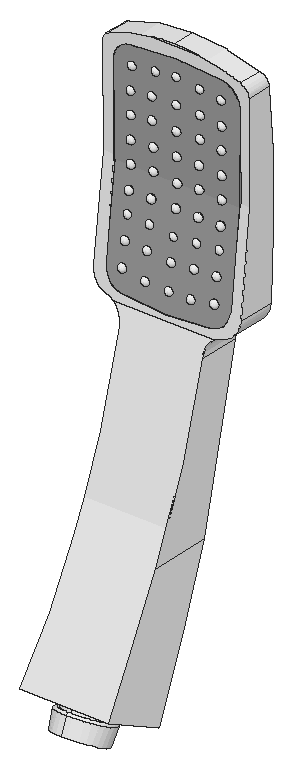
Revit family "434470001_Teleducha_Nogal", category Plumbing Fixtures, Revit 2020
Family settings
  Round Connector Dimension = Use Diameter
  Part Type = Normal
  OmniClass Number = 23.31.11.00
  OmniClass Title = Faucets
  Work Plane-Based = No
  Always vertical = Yes
  Cut with Voids When Loaded = No
  Shared = No
  Room Calculation Point = No
Parameters
  Temperatura de uso = "5° C a 71° C."  # constant formula
  Referencia = "434470001"  # constant formula
  Recubrimientos = "Resistente a la corrosión, pelado y decoloración por agua. Recubrimientos no tóxicos. Producto para uso doméstico."  # constant formula
  Profundidad = 68 mm  # constant formula
  Presión mínima recomendada = "20 psi."  # constant formula
  Presión máxima recomendada = "125 psi."  # constant formula
  Peso neto = "340 g. - 0.7 lb."  # constant formula
  Model = "434470001_Teleducha_Nogal"  # constant formula
  Material 2 = Corona_Plastico_Gris
  Material = Corona_Cromado
  Manufacturer = "Corona."  # constant formula
  Garantía = "30 años Grival - 2 años Acabados."  # constant formula
  Fecha de creación = "14/04/2021"  # constant formula
  Diámetro abasto = 12.7 mm
  Dimensiones generales del producto = "90 x 240 x 143 mm"  # constant formula
  Description = "La teleducha Nogal con tamaño medio y chorro tipo agua focalizado ofrece mayor practicidad, ideal para consumidores que buscan cobertura direccionada."  # constant formula
  Default Elevation = 0 mm
  Creado por = "BIMBAU"  # constant formula
  Capacidad de flujo = "A 80 psi: 9.3 l/min."  # constant formula
  Ancho = 58 mm  # constant formula
  Alto = 231 mm  # constant formula
Reference planes
  plane 1 "Center (Front/Back)": y = 0
  plane 2: z = 0
  plane 3 "Center (Left/Right)": x = 0
  plane 4: x = -29
  plane 5: x = 29
  plane 6: z = 231
  plane 7: y = -68
Forms (mm)
  Extrusion 1, solid, material "Corona_Cromado" <- "Material", detail levels medium+fine
    sketch origin (0, 0, 0) x (0, 1, 0) y (0, 0, 1)
      loop
        arc (-12.624, 230.41) -> (-11.644, 182.754) -> (-17.84, 135.491) r 316.129
        arc (-17.84, 135.491) -> (-36.773, 75.466) -> (-67.223, 20.38) r 316.129
        line (-67.223, 20.38) -> (-43.189, 8.658)
        arc (-43.189, 8.658) -> (-11.393, 86.6) -> (-0.555, 170.078) r 326.901
        line (-0.555, 170.078) -> (-0.555, 198.064)
        arc (-0.555, 198.064) -> (-1.399, 215.117) -> (-3.922, 232.005) r 172.778
        arc (-3.922, 232.005) -> (-4.784, 233.283) -> (-6.298, 233.568) r 2
        line (-6.298, 233.568) -> (-11.049, 232.558)
        arc (-11.049, 232.558) -> (-12.246, 231.785) -> (-12.624, 230.41) r 2
    from -50 to 50
  Extrusion 2, void
    sketch origin (0, 0, 0) x (1, 0, 0) y (0, 0, 1)
      loop
        arc (0, 231) -> (-13.168, 229.741) -> (-25.86, 226.011) r 69.519
        arc (-25.86, 226.011) -> (-28.141, 224.172) -> (-29, 221.37) r 5
        line (-29, 221.37) -> (-29, 144.203)
        arc (-29, 144.203) -> (-27.361, 139.523) -> (-23.159, 136.889) r 7.5
        arc (-23.159, 136.889) -> (-18.151, 133.749) -> (-16.196, 128.169) r 8.941
        line (-16.196, 128.169) -> (-16.196, 63.895)
        arc (-16.196, 63.895) -> (-16.7, 36.267) -> (-18.21, 8.675) r 758.171
        line (-18.21, 8.675) -> (0, 8.675) -> (18.21, 8.675)
        arc (18.21, 8.675) -> (16.7, 36.267) -> (16.196, 63.895) r 758.171
        line (16.196, 63.895) -> (16.196, 128.169)
        arc (16.196, 128.169) -> (18.151, 133.749) -> (23.159, 136.889) r 8.941
        arc (23.159, 136.889) -> (27.361, 139.523) -> (29, 144.203) r 7.5
        line (29, 144.203) -> (29, 221.37)
        arc (29, 221.37) -> (28.141, 224.172) -> (25.86, 226.011) r 5
        arc (25.86, 226.011) -> (13.168, 229.741) -> (0, 231) r 69.519
      loop
        line (0, 241) -> (-70, 241) -> (-70, -8.992) -> (0, -8.992) -> (70, -8.992) -> (70, 241) -> (0, 241)
    from 0 to 250
  Extrusion 3, solid, material "Corona_Plastico_Gris" <- "Material 2", detail levels medium+fine
    sketch origin (0, 0, 0) x (1, 0, 0) y (0, 0, 1)
      loop
        arc (17.979, 224.311) -> (0, 225.548) -> (-17.979, 224.311) r 131.314
        arc (-17.979, 224.311) -> (-22.915, 221.642) -> (-24.883, 216.387) r 8
        line (-24.883, 216.387) -> (-24.883, 146.387)
        arc (-24.883, 146.387) -> (-22.915, 141.131) -> (-17.979, 138.462) r 8
        arc (-17.979, 138.462) -> (0, 137.225) -> (17.979, 138.462) r 131.314
        arc (17.979, 138.462) -> (22.915, 141.131) -> (24.883, 146.387) r 8
        line (24.883, 146.387) -> (24.883, 216.387)
        arc (24.883, 216.387) -> (22.915, 221.642) -> (17.979, 224.311) r 8
    from 6.858 to 19.984
  Extrusion 4, void
    sketch origin (0, 0, 0) x (0, 1, 0) y (0, 0, 1)
      loop
        arc (-12.624, 230.41) -> (-11.644, 182.754) -> (-17.84, 135.491) r 316.129
        line (-17.84, 135.491) -> (-2.39, 135.491)
        arc (-2.39, 135.491) -> (-1.014, 152.76) -> (-0.555, 170.078) r 326.901
        line (-0.555, 170.078) -> (-0.555, 198.064)
        arc (-0.555, 198.064) -> (-1.399, 215.117) -> (-3.922, 232.005) r 172.778
        arc (-3.922, 232.005) -> (-4.784, 233.283) -> (-6.298, 233.568) r 2
        line (-6.298, 233.568) -> (-11.049, 232.558)
        arc (-11.049, 232.558) -> (-12.246, 231.785) -> (-12.624, 230.41) r 2
      loop
        line (-21.674, 238.945) -> (-21.674, 128.945) -> (8.326, 128.945) -> (8.326, 238.945) -> (-21.674, 238.945)
    from -50 to 50
  Extrusion 5, void
    sketch origin (0, 0, 0) x (1, 0, 0) y (0, 0, 1)
      loop
        arc (-17.979, 224.311) -> (-22.915, 221.642) -> (-24.883, 216.387) r 8
        line (-24.883, 216.387) -> (-24.883, 146.387)
        arc (-24.883, 146.387) -> (-22.915, 141.131) -> (-17.979, 138.462) r 8
        arc (-17.979, 138.462) -> (0, 137.225) -> (17.979, 138.462) r 131.314
        arc (17.979, 138.462) -> (22.915, 141.131) -> (24.883, 146.387) r 8
        line (24.883, 146.387) -> (24.883, 216.387)
        arc (24.883, 216.387) -> (22.915, 221.642) -> (17.979, 224.311) r 8
        arc (17.979, 224.311) -> (0, 225.548) -> (-17.979, 224.311) r 131.314
    from 6.858 to 250
  Revolve 6, solid, material "Corona_Cromado" <- "Material", detail levels medium+fine
    sketch origin (0, -11.621, -0.052) x (1, 0, 0) y (0, 0, 1)
      loop
        line (-17.436, 218.542) -> (-17.436, 215.554)
        arc (-17.436, 215.554) -> (-15.942, 217.048) -> (-17.436, 218.542) r 1.494
      axis (-17.436, 218.542) -> (-17.436, 215.554)
    angle from 0 to 360
  Revolve 7, solid, material "Corona_Cromado" <- "Material", detail levels medium+fine
    sketch origin (9.315, -11.621, 1.198) x (1, 0, 0) y (0, 0, 1)
      loop
        line (-17.436, 218.542) -> (-17.436, 215.554)
        arc (-17.436, 215.554) -> (-15.942, 217.048) -> (-17.436, 218.542) r 1.494
      axis (-17.436, 218.542) -> (-17.436, 215.554)
    angle from 0 to 360
  Revolve 8, solid, material "Corona_Cromado" <- "Material", detail levels medium+fine
    sketch origin (17.551, -11.621, 2.106) x (1, 0, 0) y (0, 0, 1)
      loop
        line (-17.436, 218.542) -> (-17.436, 215.554)
        arc (-17.436, 215.554) -> (-15.942, 217.048) -> (-17.436, 218.542) r 1.494
      axis (-17.436, 218.542) -> (-17.436, 215.554)
    angle from 0 to 360
  Revolve 9, solid, material "Corona_Cromado" <- "Material", detail levels medium+fine
    sketch origin (26.809, -11.621, 1.027) x (1, 0, 0) y (0, 0, 1)
      loop
        line (-17.436, 218.542) -> (-17.436, 215.554)
        arc (-17.436, 215.554) -> (-15.942, 217.048) -> (-17.436, 218.542) r 1.494
      axis (-17.436, 218.542) -> (-17.436, 215.554)
    angle from 0 to 360
  Revolve 10, solid, material "Corona_Cromado" <- "Material", detail levels medium+fine
    sketch origin (35.272, -11.621, 0.062) x (1, 0, 0) y (0, 0, 1)
      loop
        line (-17.436, 218.542) -> (-17.436, 215.554)
        arc (-17.436, 215.554) -> (-15.942, 217.048) -> (-17.436, 218.542) r 1.494
      axis (-17.436, 218.542) -> (-17.436, 215.554)
    angle from 0 to 360
  Revolve 11, solid, material "Corona_Cromado" <- "Material", detail levels medium+fine
    sketch origin (26.982, -11.621, -8.129) x (1, 0, 0) y (0, 0, 1)
      loop
        line (-17.436, 218.542) -> (-17.436, 215.554)
        arc (-17.436, 215.554) -> (-15.942, 217.048) -> (-17.436, 218.542) r 1.494
      axis (-17.436, 218.542) -> (-17.436, 215.554)
    angle from 0 to 360
  Revolve 12, solid, material "Corona_Cromado" <- "Material", detail levels medium+fine
    sketch origin (35.445, -11.621, -9.095) x (1, 0, 0) y (0, 0, 1)
      loop
        line (-17.436, 218.542) -> (-17.436, 215.554)
        arc (-17.436, 215.554) -> (-15.942, 217.048) -> (-17.436, 218.542) r 1.494
      axis (-17.436, 218.542) -> (-17.436, 215.554)
    angle from 0 to 360
  Revolve 13, solid, material "Corona_Cromado" <- "Material", detail levels medium+fine
    sketch origin (26.895, -11.621, -16.768) x (1, 0, 0) y (0, 0, 1)
      loop
        line (-17.436, 218.542) -> (-17.436, 215.554)
        arc (-17.436, 215.554) -> (-15.942, 217.048) -> (-17.436, 218.542) r 1.494
      axis (-17.436, 218.542) -> (-17.436, 215.554)
    angle from 0 to 360
  Revolve 14, solid, material "Corona_Cromado" <- "Material", detail levels medium+fine
    sketch origin (35.358, -11.621, -17.733) x (1, 0, 0) y (0, 0, 1)
      loop
        line (-17.436, 218.542) -> (-17.436, 215.554)
        arc (-17.436, 215.554) -> (-15.942, 217.048) -> (-17.436, 218.542) r 1.494
      axis (-17.436, 218.542) -> (-17.436, 215.554)
    angle from 0 to 360
  Revolve 15, solid, material "Corona_Cromado" <- "Material", detail levels medium+fine
    sketch origin (26.47, -11.621, -26.12) x (1, 0, 0) y (0, 0, 1)
      loop
        line (-17.436, 218.542) -> (-17.436, 215.554)
        arc (-17.436, 215.554) -> (-15.942, 217.048) -> (-17.436, 218.542) r 1.494
      axis (-17.436, 218.542) -> (-17.436, 215.554)
    angle from 0 to 360
  Revolve 16, solid, material "Corona_Cromado" <- "Material", detail levels medium+fine
    sketch origin (35.445, -11.621, -26.631) x (1, 0, 0) y (0, 0, 1)
      loop
        line (-17.436, 218.542) -> (-17.436, 215.554)
        arc (-17.436, 215.554) -> (-15.942, 217.048) -> (-17.436, 218.542) r 1.494
      axis (-17.436, 218.542) -> (-17.436, 215.554)
    angle from 0 to 360
  Revolve 17, solid, material "Corona_Cromado" <- "Material", detail levels medium+fine
    sketch origin (26.47, -11.621, -34.742) x (1, 0, 0) y (0, 0, 1)
      loop
        line (-17.436, 218.542) -> (-17.436, 215.554)
        arc (-17.436, 215.554) -> (-15.942, 217.048) -> (-17.436, 218.542) r 1.494
      axis (-17.436, 218.542) -> (-17.436, 215.554)
    angle from 0 to 360
  Revolve 18, solid, material "Corona_Cromado" <- "Material", detail levels medium+fine
    sketch origin (35.445, -11.621, -35.253) x (1, 0, 0) y (0, 0, 1)
      loop
        line (-17.436, 218.542) -> (-17.436, 215.554)
        arc (-17.436, 215.554) -> (-15.942, 217.048) -> (-17.436, 218.542) r 1.494
      axis (-17.436, 218.542) -> (-17.436, 215.554)
    angle from 0 to 360
  Revolve 19, solid, material "Corona_Cromado" <- "Material", detail levels medium+fine
    sketch origin (26.732, -12.406, -44.184) x (1, 0, 0) y (0, 0, 1)
      loop
        line (-17.436, 218.542) -> (-17.436, 215.554)
        arc (-17.436, 215.554) -> (-15.942, 217.048) -> (-17.436, 218.542) r 1.494
      axis (-17.436, 218.542) -> (-17.436, 215.554)
    angle from 0 to 360
  Revolve 20, solid, material "Corona_Cromado" <- "Material", detail levels medium+fine
    sketch origin (35.575, -12.451, -44.187) x (1, 0, 0) y (0, 0, 1)
      loop
        line (-17.436, 218.542) -> (-17.436, 215.554)
        arc (-17.436, 215.554) -> (-15.942, 217.048) -> (-17.436, 218.542) r 1.494
      axis (-17.436, 218.542) -> (-17.436, 215.554)
    angle from 0 to 360
  Revolve 21, solid, material "Corona_Cromado" <- "Material", detail levels medium+fine
    sketch origin (26.732, -13.012, -52.992) x (1, 0, 0) y (0, 0, 1)
      loop
        line (-17.436, 218.542) -> (-17.436, 215.554)
        arc (-17.436, 215.554) -> (-15.942, 217.048) -> (-17.436, 218.542) r 1.494
      axis (-17.436, 218.542) -> (-17.436, 215.554)
    angle from 0 to 360
  Revolve 22, solid, material "Corona_Cromado" <- "Material", detail levels medium+fine
    sketch origin (35.575, -12.859, -52.405) x (1, 0, 0) y (0, 0, 1)
      loop
        line (-17.436, 218.542) -> (-17.436, 215.554)
        arc (-17.436, 215.554) -> (-15.942, 217.048) -> (-17.436, 218.542) r 1.494
      axis (-17.436, 218.542) -> (-17.436, 215.554)
    angle from 0 to 360
  Revolve 23, solid, material "Corona_Cromado" <- "Material", detail levels medium+fine
    sketch origin (26.732, -14.352, -61.638) x (1, 0, 0) y (0, 0, 1)
      loop
        line (-17.436, 218.542) -> (-17.436, 215.554)
        arc (-17.436, 215.554) -> (-15.942, 217.048) -> (-17.436, 218.542) r 1.494
      axis (-17.436, 218.542) -> (-17.436, 215.554)
    angle from 0 to 360
  Revolve 24, solid, material "Corona_Cromado" <- "Material", detail levels medium+fine
    sketch origin (35.575, -14.352, -61.169) x (1, 0, 0) y (0, 0, 1)
      loop
        line (-17.436, 218.542) -> (-17.436, 215.554)
        arc (-17.436, 215.554) -> (-15.942, 217.048) -> (-17.436, 218.542) r 1.494
      axis (-17.436, 218.542) -> (-17.436, 215.554)
    angle from 0 to 360
  Revolve 25, solid, material "Corona_Cromado" <- "Material", detail levels medium+fine
    sketch origin (26.47, -15.607, -71.942) x (1, 0, 0) y (0, 0, 1)
      loop
        line (-17.436, 218.542) -> (-17.436, 215.554)
        arc (-17.436, 215.554) -> (-15.942, 217.048) -> (-17.436, 218.542) r 1.494
      axis (-17.436, 218.542) -> (-17.436, 215.554)
    angle from 0 to 360
  Revolve 26, solid, material "Corona_Cromado" <- "Material", detail levels medium+fine
    sketch origin (35.641, -15.607, -70.363) x (1, 0, 0) y (0, 0, 1)
      loop
        line (-17.436, 218.542) -> (-17.436, 215.554)
        arc (-17.436, 215.554) -> (-15.942, 217.048) -> (-17.436, 218.542) r 1.494
      axis (-17.436, 218.542) -> (-17.436, 215.554)
    angle from 0 to 360
  Revolve 27, solid, material "Corona_Cromado" <- "Material", detail levels medium+fine
    sketch origin (-26.982, -11.621, -8.129) x (-1, 0, 0) y (0, 0, -1)
      loop
        arc (-17.436, -218.542) -> (-15.942, -217.048) -> (-17.436, -215.554) r 1.494
        line (-17.436, -215.554) -> (-17.436, -218.542)
      axis (-17.436, -218.542) -> (-17.436, -215.554)
    angle from 0 to 360
  Revolve 28, solid, material "Corona_Cromado" <- "Material", detail levels medium+fine
    sketch origin (-35.445, -11.621, -9.095) x (-1, 0, 0) y (0, 0, -1)
      loop
        arc (-17.436, -218.542) -> (-15.942, -217.048) -> (-17.436, -215.554) r 1.494
        line (-17.436, -215.554) -> (-17.436, -218.542)
      axis (-17.436, -218.542) -> (-17.436, -215.554)
    angle from 0 to 360
  Revolve 29, solid, material "Corona_Cromado" <- "Material", detail levels medium+fine
    sketch origin (-26.895, -11.621, -16.768) x (-1, 0, 0) y (0, 0, -1)
      loop
        arc (-17.436, -218.542) -> (-15.942, -217.048) -> (-17.436, -215.554) r 1.494
        line (-17.436, -215.554) -> (-17.436, -218.542)
      axis (-17.436, -218.542) -> (-17.436, -215.554)
    angle from 0 to 360
  Revolve 30, solid, material "Corona_Cromado" <- "Material", detail levels medium+fine
    sketch origin (-35.358, -11.621, -17.733) x (-1, 0, 0) y (0, 0, -1)
      loop
        arc (-17.436, -218.542) -> (-15.942, -217.048) -> (-17.436, -215.554) r 1.494
        line (-17.436, -215.554) -> (-17.436, -218.542)
      axis (-17.436, -218.542) -> (-17.436, -215.554)
    angle from 0 to 360
  Revolve 31, solid, material "Corona_Cromado" <- "Material", detail levels medium+fine
    sketch origin (-26.47, -11.621, -26.12) x (-1, 0, 0) y (0, 0, -1)
      loop
        arc (-17.436, -218.542) -> (-15.942, -217.048) -> (-17.436, -215.554) r 1.494
        line (-17.436, -215.554) -> (-17.436, -218.542)
      axis (-17.436, -218.542) -> (-17.436, -215.554)
    angle from 0 to 360
  Revolve 32, solid, material "Corona_Cromado" <- "Material", detail levels medium+fine
    sketch origin (-35.445, -11.621, -26.631) x (-1, 0, 0) y (0, 0, -1)
      loop
        arc (-17.436, -218.542) -> (-15.942, -217.048) -> (-17.436, -215.554) r 1.494
        line (-17.436, -215.554) -> (-17.436, -218.542)
      axis (-17.436, -218.542) -> (-17.436, -215.554)
    angle from 0 to 360
  Revolve 33, solid, material "Corona_Cromado" <- "Material", detail levels medium+fine
    sketch origin (-26.47, -11.621, -34.742) x (-1, 0, 0) y (0, 0, -1)
      loop
        arc (-17.436, -218.542) -> (-15.942, -217.048) -> (-17.436, -215.554) r 1.494
        line (-17.436, -215.554) -> (-17.436, -218.542)
      axis (-17.436, -218.542) -> (-17.436, -215.554)
    angle from 0 to 360
  Revolve 34, solid, material "Corona_Cromado" <- "Material", detail levels medium+fine
    sketch origin (-35.445, -11.621, -35.253) x (-1, 0, 0) y (0, 0, -1)
      loop
        arc (-17.436, -218.542) -> (-15.942, -217.048) -> (-17.436, -215.554) r 1.494
        line (-17.436, -215.554) -> (-17.436, -218.542)
      axis (-17.436, -218.542) -> (-17.436, -215.554)
    angle from 0 to 360
  Revolve 35, solid, material "Corona_Cromado" <- "Material", detail levels medium+fine
    sketch origin (-26.732, -12.473, -44.162) x (-1, 0, 0) y (0, 0, -1)
      loop
        arc (-17.436, -218.542) -> (-15.942, -217.048) -> (-17.436, -215.554) r 1.494
        line (-17.436, -215.554) -> (-17.436, -218.542)
      axis (-17.436, -218.542) -> (-17.436, -215.554)
    angle from 0 to 360
  Revolve 36, solid, material "Corona_Cromado" <- "Material", detail levels medium+fine
    sketch origin (-35.575, -12.406, -44.209) x (-1, 0, 0) y (0, 0, -1)
      loop
        arc (-17.436, -218.542) -> (-15.942, -217.048) -> (-17.436, -215.554) r 1.494
        line (-17.436, -215.554) -> (-17.436, -218.542)
      axis (-17.436, -218.542) -> (-17.436, -215.554)
    angle from 0 to 360
  Revolve 37, solid, material "Corona_Cromado" <- "Material", detail levels medium+fine
    sketch origin (-26.732, -13.063, -52.874) x (-1, 0, 0) y (0, 0, -1)
      loop
        arc (-17.436, -218.542) -> (-15.942, -217.048) -> (-17.436, -215.554) r 1.494
        line (-17.436, -215.554) -> (-17.436, -218.542)
      axis (-17.436, -218.542) -> (-17.436, -215.554)
    angle from 0 to 360
  Revolve 38, solid, material "Corona_Cromado" <- "Material", detail levels medium+fine
    sketch origin (-35.575, -12.893, -52.388) x (-1, 0, 0) y (0, 0, -1)
      loop
        arc (-17.436, -218.542) -> (-15.942, -217.048) -> (-17.436, -215.554) r 1.494
        line (-17.436, -215.554) -> (-17.436, -218.542)
      axis (-17.436, -218.542) -> (-17.436, -215.554)
    angle from 0 to 360
  Revolve 39, solid, material "Corona_Cromado" <- "Material", detail levels medium+fine
    sketch origin (-26.732, -14.352, -61.638) x (-1, 0, 0) y (0, 0, -1)
      loop
        arc (-17.436, -218.542) -> (-15.942, -217.048) -> (-17.436, -215.554) r 1.494
        line (-17.436, -215.554) -> (-17.436, -218.542)
      axis (-17.436, -218.542) -> (-17.436, -215.554)
    angle from 0 to 360
  Revolve 40, solid, material "Corona_Cromado" <- "Material", detail levels medium+fine
    sketch origin (-35.575, -14.352, -61.169) x (-1, 0, 0) y (0, 0, -1)
      loop
        arc (-17.436, -218.542) -> (-15.942, -217.048) -> (-17.436, -215.554) r 1.494
        line (-17.436, -215.554) -> (-17.436, -218.542)
      axis (-17.436, -218.542) -> (-17.436, -215.554)
    angle from 0 to 360
  Revolve 41, solid, material "Corona_Cromado" <- "Material", detail levels medium+fine
    sketch origin (-26.47, -15.607, -71.942) x (-1, 0, 0) y (0, 0, -1)
      loop
        arc (-17.436, -218.542) -> (-15.942, -217.048) -> (-17.436, -215.554) r 1.494
        line (-17.436, -215.554) -> (-17.436, -218.542)
      axis (-17.436, -218.542) -> (-17.436, -215.554)
    angle from 0 to 360
  Revolve 42, solid, material "Corona_Cromado" <- "Material", detail levels medium+fine
    sketch origin (-35.641, -15.607, -70.363) x (-1, 0, 0) y (0, 0, -1)
      loop
        arc (-17.436, -218.542) -> (-15.942, -217.048) -> (-17.436, -215.554) r 1.494
        line (-17.436, -215.554) -> (-17.436, -218.542)
      axis (-17.436, -218.542) -> (-17.436, -215.554)
    angle from 0 to 360
  Revolve 43, solid, material "Corona_Cromado" <- "Material", detail levels medium+fine
    sketch origin (17.551, -11.621, -7.828) x (1, 0, 0) y (0, 0, 1)
      loop
        line (-17.436, 218.542) -> (-17.436, 215.554)
        arc (-17.436, 215.554) -> (-15.942, 217.048) -> (-17.436, 218.542) r 1.494
      axis (-17.436, 218.542) -> (-17.436, 215.554)
    angle from 0 to 360
  Revolve 44, solid, material "Corona_Cromado" <- "Material", detail levels medium+fine
    sketch origin (17.551, -11.621, -17.265) x (1, 0, 0) y (0, 0, 1)
      loop
        line (-17.436, 218.542) -> (-17.436, 215.554)
        arc (-17.436, 215.554) -> (-15.942, 217.048) -> (-17.436, 218.542) r 1.494
      axis (-17.436, 218.542) -> (-17.436, 215.554)
    angle from 0 to 360
  Revolve 45, solid, material "Corona_Cromado" <- "Material", detail levels medium+fine
    sketch origin (17.65, -11.621, -26.206) x (1, 0, 0) y (0, 0, 1)
      loop
        line (-17.436, 218.542) -> (-17.436, 215.554)
        arc (-17.436, 215.554) -> (-15.942, 217.048) -> (-17.436, 218.542) r 1.494
      axis (-17.436, 218.542) -> (-17.436, 215.554)
    angle from 0 to 360
  Revolve 46, solid, material "Corona_Cromado" <- "Material", detail levels medium+fine
    sketch origin (17.849, -11.621, -35.544) x (1, 0, 0) y (0, 0, 1)
      loop
        line (-17.436, 218.542) -> (-17.436, 215.554)
        arc (-17.436, 215.554) -> (-15.942, 217.048) -> (-17.436, 218.542) r 1.494
      axis (-17.436, 218.542) -> (-17.436, 215.554)
    angle from 0 to 360
  Revolve 47, solid, material "Corona_Cromado" <- "Material", detail levels medium+fine
    sketch origin (17.849, -12.451, -44.196) x (1, 0, 0) y (0, 0, 1)
      loop
        line (-17.436, 218.542) -> (-17.436, 215.554)
        arc (-17.436, 215.554) -> (-15.942, 217.048) -> (-17.436, 218.542) r 1.494
      axis (-17.436, 218.542) -> (-17.436, 215.554)
    angle from 0 to 360
  Revolve 48, solid, material "Corona_Cromado" <- "Material", detail levels medium+fine
    sketch origin (17.59, -12.944, -53.857) x (1, 0, 0) y (0, 0, 1)
      loop
        line (-17.436, 218.542) -> (-17.436, 215.554)
        arc (-17.436, 215.554) -> (-15.942, 217.048) -> (-17.436, 218.542) r 1.494
      axis (-17.436, 218.542) -> (-17.436, 215.554)
    angle from 0 to 360
  Revolve 49, solid, material "Corona_Cromado" <- "Material", detail levels medium+fine
    sketch origin (17.676, -14.352, -62.451) x (1, 0, 0) y (0, 0, 1)
      loop
        line (-17.436, 218.542) -> (-17.436, 215.554)
        arc (-17.436, 215.554) -> (-15.942, 217.048) -> (-17.436, 218.542) r 1.494
      axis (-17.436, 218.542) -> (-17.436, 215.554)
    angle from 0 to 360
  Revolve 50, solid, material "Corona_Cromado" <- "Material", detail levels medium+fine
    sketch origin (17.762, -15.607, -72.135) x (1, 0, 0) y (0, 0, 1)
      loop
        line (-17.436, 218.542) -> (-17.436, 215.554)
        arc (-17.436, 215.554) -> (-15.942, 217.048) -> (-17.436, 218.542) r 1.494
      axis (-17.436, 218.542) -> (-17.436, 215.554)
    angle from 0 to 360
  Revolve 51, solid, material "Corona_Cromado" <- "Material", detail levels medium+fine
    sketch origin (0, 0, 0) x (0, 1, 0) y (0, 0, 1)
      loop
        line (-55.206, 14.519) -> (-62.997, 18.319) -> (-63.899, 16.471) -> (-64.914, 16.966)
        arc (-64.914, 16.966) -> (-65.548, 16.991) -> (-65.995, 16.54) r 0.788
        line (-65.995, 16.54) -> (-68.483, 10.059) -> (-59.731, 5.242) -> (-55.206, 14.519)
      axis (-59.731, 5.242) -> (-55.206, 14.519)
    angle from 0 to 360
  Extrusion 52, solid, material "Corona_Cromado" <- "Material", detail levels coarse
    sketch origin (0, 0, 0) x (1, 0, 0) y (0, 1, 0)
      loop
        line (-29, 0) -> (-29, -68) -> (29, -68) -> (29, 0) -> (-29, 0)
    from 0 to 231
Cuts and joins
  Extrusion 2, Extrusion 5 cuts Extrusion 1
  joined: Extrusion 1, Revolve 51
  Extrusion 4 cuts Extrusion 3
Dimensions and locks
  "Ancho": plane 4 to plane 5
  "Alto": plane 6 to level
  "Profundidad": plane 7 to plane 1 "Center (Front/Back)"
  aligned and locked: level to plane 2
Automatic sketch dimensions
  Extrusion 1 sketch curve to Extrusion 1 sketch curve = 0 mm  (x2)
  Extrusion 1 sketch curve to plane 6 = 60.922 mm
  Extrusion 1 sketch curve to plane 7 = 259.456 mm
  Extrusion 1 sketch curve to Extrusion 1 sketch curve = 0.159 mm
  Extrusion 1 sketch curve to plane 6 = 32.936 mm
  Extrusion 1 sketch curve to plane 7 = 105.333 mm
  plane 7 to Extrusion 1 sketch curve = 0.777 mm
  level to Extrusion 1 sketch curve = 8.658 mm
  plane 7 to Extrusion 1 sketch curve = 24.811 mm
  plane 6 to Extrusion 1 sketch curve = 1.558 mm
  plane 1 "Center (Front/Back)" to Extrusion 1 sketch curve = 11.049 mm
  Extrusion 1 sketch curve to plane 6 = 0.398 mm
  Extrusion 1 sketch curve to Extrusion 1 sketch curve = 0.416 mm  (x2)
  plane 6 to Extrusion 1 sketch curve = 2.568 mm
  Extrusion 1 sketch curve to Extrusion 1 sketch curve = 4.751 mm
  plane 6 to Extrusion 1 sketch curve = 0.612 mm
  level to Extrusion 1 sketch curve = 20.38 mm
  Extrusion 1 sketch curve to Extrusion 1 sketch curve = 30.022 mm
  plane 1 "Center (Front/Back)" to Extrusion 1 sketch curve = 17.84 mm
  Extrusion 2 sketch curve to Extrusion 2 sketch curve = 0 mm  (x3)
  plane 4 to Extrusion 2 sketch curve = 0 mm
  Extrusion 2 sketch curve to plane 3 "Center (Left/Right)" = 0 mm  (x4)
  Extrusion 2 sketch curve to plane 5 = 0 mm
  Extrusion 2 sketch curve to plane 6 = 0 mm
  plane 6 to Extrusion 2 sketch curve = 10 mm
  plane 4 to Extrusion 2 sketch curve = 41 mm
  level to Extrusion 2 sketch curve = 63.895 mm  (x2)
  Extrusion 2 sketch curve to Extrusion 2 sketch curve = 704.368 mm
  Extrusion 2 sketch curve to plane 4 = 3.862 mm
  Extrusion 2 sketch curve to plane 4 = 5 mm
  Extrusion 2 sketch curve to Extrusion 2 sketch curve = 7.5 mm  (x2)
  Extrusion 2 sketch curve to plane 4 = 10.79 mm
  Extrusion 2 sketch curve to Extrusion 2 sketch curve = 8.941 mm
  Extrusion 2 sketch curve to plane 5 = 12.804 mm
  plane 3 "Center (Left/Right)" to Extrusion 2 sketch curve = 18.21 mm
  Extrusion 2 sketch curve to plane 5 = 5 mm
  Extrusion 2 sketch curve to plane 5 = 3.862 mm
  Extrusion 2 sketch curve to level = 8.992 mm
  plane 5 to Extrusion 2 sketch curve = 41 mm
  Extrusion 2 sketch curve to Extrusion 2 sketch curve = 64.274 mm
  Extrusion 2 sketch curve to Extrusion 2 sketch curve = 16.034 mm  (x2)
  Extrusion 2 sketch curve to Extrusion 2 sketch curve = 17.277 mm
  Extrusion 2 sketch curve to plane 6 = 9.63 mm  (x2)
  Extrusion 3 sketch curve to plane 3 "Center (Left/Right)" = 0 mm  (x2)
  Extrusion 3 sketch curve to plane 4 = 12.117 mm  (x2)
  Extrusion 3 sketch curve to plane 4 = 4.117 mm
  Extrusion 3 sketch curve to plane 5 = 12.117 mm  (x2)
  Extrusion 3 sketch curve to plane 5 = 4.117 mm
  level to Extrusion 3 sketch curve = 94.234 mm
  Extrusion 3 sketch curve to Extrusion 3 sketch curve = 52.152 mm
  Extrusion 3 sketch curve to Extrusion 3 sketch curve = 0 mm  (x3)
  Extrusion 3 sketch curve to plane 6 = 14.613 mm  (x2)
  plane 6 to Extrusion 3 sketch curve = 37.539 mm
  Extrusion 4 sketch curve to plane 6 = 60.922 mm
  Extrusion 4 sketch curve to plane 7 = 259.456 mm
  Extrusion 4 sketch curve to Extrusion 4 sketch curve = 0.159 mm
  Extrusion 4 sketch curve to plane 6 = 32.936 mm
  Extrusion 4 sketch curve to plane 7 = 105.333 mm
  plane 6 to Extrusion 4 sketch curve = 7.945 mm
  plane 1 "Center (Front/Back)" to Extrusion 4 sketch curve = 21.674 mm
  Extrusion 4 sketch curve to Extrusion 4 sketch curve = 3.834 mm
  plane 6 to Extrusion 4 sketch curve = 1.558 mm
  plane 1 "Center (Front/Back)" to Extrusion 4 sketch curve = 11.049 mm
  Extrusion 4 sketch curve to plane 6 = 0.398 mm
  Extrusion 4 sketch curve to Extrusion 4 sketch curve = 0.416 mm  (x2)
  plane 6 to Extrusion 4 sketch curve = 2.568 mm
  Extrusion 4 sketch curve to Extrusion 4 sketch curve = 4.751 mm
  plane 6 to Extrusion 4 sketch curve = 0.612 mm
  plane 1 "Center (Front/Back)" to Extrusion 4 sketch curve = 2.39 mm
  plane 1 "Center (Front/Back)" to Extrusion 4 sketch curve = 0.555 mm
  Extrusion 4 sketch curve to plane 1 "Center (Front/Back)" = 8.326 mm
  Extrusion 4 sketch curve to Extrusion 4 sketch curve = 6.546 mm
  Extrusion 4 sketch curve to Extrusion 4 sketch curve = 30.022 mm
  Extrusion 5 sketch curve to plane 3 "Center (Left/Right)" = 0 mm  (x2)
  Extrusion 5 sketch curve to plane 4 = 12.117 mm  (x2)
  Extrusion 5 sketch curve to plane 4 = 4.117 mm
  Extrusion 5 sketch curve to plane 5 = 12.117 mm  (x2)
  Extrusion 5 sketch curve to plane 5 = 4.117 mm
  level to Extrusion 5 sketch curve = 94.234 mm
  Extrusion 5 sketch curve to Extrusion 5 sketch curve = 52.152 mm
  Extrusion 5 sketch curve to Extrusion 5 sketch curve = 0 mm  (x3)
  Extrusion 5 sketch curve to plane 6 = 14.613 mm  (x2)
  plane 6 to Extrusion 5 sketch curve = 37.539 mm
  Revolve 6 sketch curve to plane 4 = 11.564 mm
  Revolve 6 sketch curve to plane 6 = 15.498 mm
  Revolve 6 sketch curve to Revolve 6 sketch curve = 1.494 mm
  Revolve 6 sketch curve to Revolve 6 sketch curve = 0 mm
  Revolve 6 sketch curve to Revolve 6 sketch curve = 0.649 mm
  Revolve 6 sketch curve to Revolve 6 sketch curve = 0.714 mm
  Revolve 7 sketch curve to plane 3 "Center (Left/Right)" = 8.121 mm
  Revolve 7 sketch curve to plane 6 = 14.248 mm
  Revolve 7 sketch curve to Revolve 7 sketch curve = 1.494 mm
  Revolve 7 sketch curve to Revolve 7 sketch curve = 0 mm
  Revolve 7 sketch curve to Revolve 7 sketch curve = 0.649 mm
  Revolve 7 sketch curve to Revolve 7 sketch curve = 0.714 mm
  plane 3 "Center (Left/Right)" to Revolve 8 sketch curve = 0.115 mm  (x2)
  Revolve 8 sketch curve to plane 6 = 13.34 mm
  Revolve 8 sketch curve to Revolve 8 sketch curve = 1.494 mm
  Revolve 8 sketch curve to Revolve 8 sketch curve = 0.649 mm
  Revolve 8 sketch curve to Revolve 8 sketch curve = 0.714 mm
  plane 3 "Center (Left/Right)" to Revolve 9 sketch curve = 9.373 mm
  Revolve 9 sketch curve to plane 6 = 14.419 mm
  Revolve 9 sketch curve to Revolve 9 sketch curve = 1.494 mm
  Revolve 9 sketch curve to Revolve 9 sketch curve = 0 mm
  Revolve 9 sketch curve to Revolve 9 sketch curve = 0.649 mm
  Revolve 9 sketch curve to Revolve 9 sketch curve = 0.714 mm
  Revolve 10 sketch curve to plane 5 = 11.164 mm
  Revolve 10 sketch curve to plane 6 = 15.384 mm
  Revolve 10 sketch curve to Revolve 10 sketch curve = 1.494 mm
  Revolve 10 sketch curve to Revolve 10 sketch curve = 0 mm
  Revolve 10 sketch curve to Revolve 10 sketch curve = 0.649 mm
  Revolve 10 sketch curve to Revolve 10 sketch curve = 0.714 mm
  plane 3 "Center (Left/Right)" to Revolve 11 sketch curve = 9.546 mm
  Revolve 11 sketch curve to plane 6 = 23.575 mm
  Revolve 11 sketch curve to Revolve 11 sketch curve = 1.494 mm
  Revolve 11 sketch curve to Revolve 11 sketch curve = 0 mm
  Revolve 11 sketch curve to Revolve 11 sketch curve = 0.649 mm
  Revolve 11 sketch curve to Revolve 11 sketch curve = 0.714 mm
  Revolve 12 sketch curve to plane 5 = 10.991 mm
  Revolve 12 sketch curve to plane 6 = 24.541 mm
  Revolve 12 sketch curve to Revolve 12 sketch curve = 1.494 mm
  Revolve 12 sketch curve to Revolve 12 sketch curve = 0 mm
  Revolve 12 sketch curve to Revolve 12 sketch curve = 0.649 mm
  Revolve 12 sketch curve to Revolve 12 sketch curve = 0.714 mm
  plane 3 "Center (Left/Right)" to Revolve 13 sketch curve = 9.46 mm
  Revolve 13 sketch curve to plane 6 = 32.214 mm
  Revolve 13 sketch curve to Revolve 13 sketch curve = 1.494 mm
  Revolve 13 sketch curve to Revolve 13 sketch curve = 0 mm
  Revolve 13 sketch curve to Revolve 13 sketch curve = 0.649 mm
  Revolve 13 sketch curve to Revolve 13 sketch curve = 0.714 mm
  Revolve 14 sketch curve to plane 5 = 11.077 mm
  Revolve 14 sketch curve to plane 6 = 33.179 mm
  Revolve 14 sketch curve to Revolve 14 sketch curve = 1.494 mm
  Revolve 14 sketch curve to Revolve 14 sketch curve = 0 mm
  Revolve 14 sketch curve to Revolve 14 sketch curve = 0.649 mm
  Revolve 14 sketch curve to Revolve 14 sketch curve = 0.714 mm
  plane 3 "Center (Left/Right)" to Revolve 15 sketch curve = 9.035 mm
  Revolve 15 sketch curve to plane 6 = 41.566 mm
  Revolve 15 sketch curve to Revolve 15 sketch curve = 1.494 mm
  Revolve 15 sketch curve to Revolve 15 sketch curve = 0 mm
  Revolve 15 sketch curve to Revolve 15 sketch curve = 0.649 mm
  Revolve 15 sketch curve to Revolve 15 sketch curve = 0.714 mm
  Revolve 16 sketch curve to plane 5 = 10.991 mm
  Revolve 16 sketch curve to plane 6 = 42.077 mm
  Revolve 16 sketch curve to Revolve 16 sketch curve = 1.494 mm
  Revolve 16 sketch curve to Revolve 16 sketch curve = 0 mm
  Revolve 16 sketch curve to Revolve 16 sketch curve = 0.649 mm
  Revolve 16 sketch curve to Revolve 16 sketch curve = 0.714 mm
  plane 3 "Center (Left/Right)" to Revolve 17 sketch curve = 9.035 mm
  Revolve 17 sketch curve to plane 6 = 50.188 mm
  Revolve 17 sketch curve to Revolve 17 sketch curve = 1.494 mm
  Revolve 17 sketch curve to Revolve 17 sketch curve = 0 mm
  Revolve 17 sketch curve to Revolve 17 sketch curve = 0.649 mm
  Revolve 17 sketch curve to Revolve 17 sketch curve = 0.714 mm
  Revolve 18 sketch curve to plane 5 = 10.991 mm
  Revolve 18 sketch curve to plane 6 = 50.699 mm
  Revolve 18 sketch curve to Revolve 18 sketch curve = 1.494 mm
  Revolve 18 sketch curve to Revolve 18 sketch curve = 0 mm
  Revolve 18 sketch curve to Revolve 18 sketch curve = 0.649 mm
  Revolve 18 sketch curve to Revolve 18 sketch curve = 0.714 mm
  plane 3 "Center (Left/Right)" to Revolve 19 sketch curve = 9.296 mm
  Revolve 19 sketch curve to plane 6 = 59.63 mm
  Revolve 19 sketch curve to Revolve 19 sketch curve = 1.494 mm
  Revolve 19 sketch curve to Revolve 19 sketch curve = 0 mm
  Revolve 19 sketch curve to Revolve 19 sketch curve = 0.649 mm
  Revolve 19 sketch curve to Revolve 19 sketch curve = 0.714 mm
  Revolve 20 sketch curve to plane 5 = 10.86 mm
  Revolve 20 sketch curve to plane 6 = 59.633 mm
  Revolve 20 sketch curve to Revolve 20 sketch curve = 1.494 mm
  Revolve 20 sketch curve to Revolve 20 sketch curve = 0 mm
  Revolve 20 sketch curve to Revolve 20 sketch curve = 0.649 mm
  Revolve 20 sketch curve to Revolve 20 sketch curve = 0.714 mm
  plane 3 "Center (Left/Right)" to Revolve 21 sketch curve = 9.296 mm
  Revolve 21 sketch curve to plane 6 = 68.439 mm
  Revolve 21 sketch curve to Revolve 21 sketch curve = 1.494 mm
  Revolve 21 sketch curve to Revolve 21 sketch curve = 0 mm
  Revolve 21 sketch curve to Revolve 21 sketch curve = 0.649 mm
  Revolve 21 sketch curve to Revolve 21 sketch curve = 0.714 mm
  Revolve 22 sketch curve to plane 5 = 10.86 mm
  Revolve 22 sketch curve to plane 6 = 67.851 mm
  Revolve 22 sketch curve to Revolve 22 sketch curve = 1.494 mm
  Revolve 22 sketch curve to Revolve 22 sketch curve = 0 mm
  Revolve 22 sketch curve to Revolve 22 sketch curve = 0.649 mm
  Revolve 22 sketch curve to Revolve 22 sketch curve = 0.714 mm
  plane 3 "Center (Left/Right)" to Revolve 23 sketch curve = 9.296 mm
  Revolve 23 sketch curve to plane 6 = 77.084 mm
  Revolve 23 sketch curve to Revolve 23 sketch curve = 1.494 mm
  Revolve 23 sketch curve to Revolve 23 sketch curve = 0 mm
  Revolve 23 sketch curve to Revolve 23 sketch curve = 0.649 mm
  Revolve 23 sketch curve to Revolve 23 sketch curve = 0.714 mm
  Revolve 24 sketch curve to plane 5 = 10.86 mm
  Revolve 24 sketch curve to plane 6 = 76.615 mm
  Revolve 24 sketch curve to Revolve 24 sketch curve = 1.494 mm
  Revolve 24 sketch curve to Revolve 24 sketch curve = 0 mm
  Revolve 24 sketch curve to Revolve 24 sketch curve = 0.649 mm
  Revolve 24 sketch curve to Revolve 24 sketch curve = 0.714 mm
  plane 3 "Center (Left/Right)" to Revolve 25 sketch curve = 9.035 mm
  Revolve 25 sketch curve to plane 6 = 87.388 mm
  Revolve 25 sketch curve to Revolve 25 sketch curve = 1.494 mm
  Revolve 25 sketch curve to Revolve 25 sketch curve = 0 mm
  Revolve 25 sketch curve to Revolve 25 sketch curve = 0.649 mm
  Revolve 25 sketch curve to Revolve 25 sketch curve = 0.714 mm
  Revolve 26 sketch curve to plane 5 = 10.795 mm
  Revolve 26 sketch curve to plane 6 = 85.809 mm
  Revolve 26 sketch curve to Revolve 26 sketch curve = 1.494 mm
  Revolve 26 sketch curve to Revolve 26 sketch curve = 0 mm
  Revolve 26 sketch curve to Revolve 26 sketch curve = 0.649 mm
  Revolve 26 sketch curve to Revolve 26 sketch curve = 0.714 mm
  Revolve 27 sketch curve to plane 3 "Center (Left/Right)" = 9.546 mm
  Revolve 27 sketch curve to plane 6 = 20.588 mm
  Revolve 27 sketch curve to Revolve 27 sketch curve = 1.494 mm
  Revolve 27 sketch curve to Revolve 27 sketch curve = 0 mm
  Revolve 27 sketch curve to Revolve 27 sketch curve = 0.714 mm
  Revolve 27 sketch curve to Revolve 27 sketch curve = 0.649 mm
  Revolve 28 sketch curve to plane 4 = 10.991 mm
  Revolve 28 sketch curve to plane 6 = 21.553 mm
  Revolve 28 sketch curve to Revolve 28 sketch curve = 1.494 mm
  Revolve 28 sketch curve to Revolve 28 sketch curve = 0 mm
  Revolve 28 sketch curve to Revolve 28 sketch curve = 0.714 mm
  Revolve 28 sketch curve to Revolve 28 sketch curve = 0.649 mm
  Revolve 29 sketch curve to plane 3 "Center (Left/Right)" = 9.46 mm
  Revolve 29 sketch curve to plane 6 = 29.226 mm
  Revolve 29 sketch curve to Revolve 29 sketch curve = 1.494 mm
  Revolve 29 sketch curve to Revolve 29 sketch curve = 0 mm
  Revolve 29 sketch curve to Revolve 29 sketch curve = 0.714 mm
  Revolve 29 sketch curve to Revolve 29 sketch curve = 0.649 mm
  Revolve 30 sketch curve to plane 4 = 11.077 mm
  Revolve 30 sketch curve to plane 6 = 30.192 mm
  Revolve 30 sketch curve to Revolve 30 sketch curve = 1.494 mm
  Revolve 30 sketch curve to Revolve 30 sketch curve = 0 mm
  Revolve 30 sketch curve to Revolve 30 sketch curve = 0.714 mm
  Revolve 30 sketch curve to Revolve 30 sketch curve = 0.649 mm
  Revolve 31 sketch curve to plane 3 "Center (Left/Right)" = 9.035 mm
  Revolve 31 sketch curve to plane 6 = 38.578 mm
  Revolve 31 sketch curve to Revolve 31 sketch curve = 1.494 mm
  Revolve 31 sketch curve to Revolve 31 sketch curve = 0 mm
  Revolve 31 sketch curve to Revolve 31 sketch curve = 0.714 mm
  Revolve 31 sketch curve to Revolve 31 sketch curve = 0.649 mm
  Revolve 32 sketch curve to plane 4 = 10.991 mm
  Revolve 32 sketch curve to plane 6 = 39.089 mm
  Revolve 32 sketch curve to Revolve 32 sketch curve = 1.494 mm
  Revolve 32 sketch curve to Revolve 32 sketch curve = 0 mm
  Revolve 32 sketch curve to Revolve 32 sketch curve = 0.714 mm
  Revolve 32 sketch curve to Revolve 32 sketch curve = 0.649 mm
  Revolve 33 sketch curve to plane 3 "Center (Left/Right)" = 9.035 mm
  Revolve 33 sketch curve to plane 6 = 47.2 mm
  Revolve 33 sketch curve to Revolve 33 sketch curve = 1.494 mm
  Revolve 33 sketch curve to Revolve 33 sketch curve = 0 mm
  Revolve 33 sketch curve to Revolve 33 sketch curve = 0.714 mm
  Revolve 33 sketch curve to Revolve 33 sketch curve = 0.649 mm
  Revolve 34 sketch curve to plane 4 = 10.991 mm
  Revolve 34 sketch curve to plane 6 = 47.711 mm
  Revolve 34 sketch curve to Revolve 34 sketch curve = 1.494 mm
  Revolve 34 sketch curve to Revolve 34 sketch curve = 0 mm
  Revolve 34 sketch curve to Revolve 34 sketch curve = 0.714 mm
  Revolve 34 sketch curve to Revolve 34 sketch curve = 0.649 mm
  Revolve 35 sketch curve to plane 3 "Center (Left/Right)" = 9.296 mm
  Revolve 35 sketch curve to plane 6 = 56.62 mm
  Revolve 35 sketch curve to Revolve 35 sketch curve = 1.494 mm
  Revolve 35 sketch curve to Revolve 35 sketch curve = 0 mm
  Revolve 35 sketch curve to Revolve 35 sketch curve = 0.714 mm
  Revolve 35 sketch curve to Revolve 35 sketch curve = 0.649 mm
  Revolve 36 sketch curve to plane 4 = 10.86 mm
  Revolve 36 sketch curve to plane 6 = 56.668 mm
  Revolve 36 sketch curve to Revolve 36 sketch curve = 1.494 mm
  Revolve 36 sketch curve to Revolve 36 sketch curve = 0 mm
  Revolve 36 sketch curve to Revolve 36 sketch curve = 0.714 mm
  Revolve 36 sketch curve to Revolve 36 sketch curve = 0.649 mm
  Revolve 37 sketch curve to plane 3 "Center (Left/Right)" = 9.296 mm
  Revolve 37 sketch curve to plane 6 = 65.332 mm
  Revolve 37 sketch curve to Revolve 37 sketch curve = 1.494 mm
  Revolve 37 sketch curve to Revolve 37 sketch curve = 0 mm
  Revolve 37 sketch curve to Revolve 37 sketch curve = 0.714 mm
  Revolve 37 sketch curve to Revolve 37 sketch curve = 0.649 mm
  Revolve 38 sketch curve to plane 4 = 10.86 mm
  Revolve 38 sketch curve to plane 6 = 64.847 mm
  Revolve 38 sketch curve to Revolve 38 sketch curve = 1.494 mm
  Revolve 38 sketch curve to Revolve 38 sketch curve = 0 mm
  Revolve 38 sketch curve to Revolve 38 sketch curve = 0.714 mm
  Revolve 38 sketch curve to Revolve 38 sketch curve = 0.649 mm
  Revolve 39 sketch curve to plane 3 "Center (Left/Right)" = 9.296 mm
  Revolve 39 sketch curve to plane 6 = 74.096 mm
  Revolve 39 sketch curve to Revolve 39 sketch curve = 1.494 mm
  Revolve 39 sketch curve to Revolve 39 sketch curve = 0 mm
  Revolve 39 sketch curve to Revolve 39 sketch curve = 0.714 mm
  Revolve 39 sketch curve to Revolve 39 sketch curve = 0.649 mm
  Revolve 40 sketch curve to plane 4 = 10.86 mm
  Revolve 40 sketch curve to plane 6 = 73.627 mm
  Revolve 40 sketch curve to Revolve 40 sketch curve = 1.494 mm
  Revolve 40 sketch curve to Revolve 40 sketch curve = 0 mm
  Revolve 40 sketch curve to Revolve 40 sketch curve = 0.714 mm
  Revolve 40 sketch curve to Revolve 40 sketch curve = 0.649 mm
  Revolve 41 sketch curve to plane 3 "Center (Left/Right)" = 9.035 mm
  Revolve 41 sketch curve to plane 6 = 84.4 mm
  Revolve 41 sketch curve to Revolve 41 sketch curve = 1.494 mm
  Revolve 41 sketch curve to Revolve 41 sketch curve = 0 mm
  Revolve 41 sketch curve to Revolve 41 sketch curve = 0.714 mm
  Revolve 41 sketch curve to Revolve 41 sketch curve = 0.649 mm
  Revolve 42 sketch curve to plane 4 = 10.795 mm
  Revolve 42 sketch curve to plane 6 = 82.821 mm
  Revolve 42 sketch curve to Revolve 42 sketch curve = 1.494 mm
  Revolve 42 sketch curve to Revolve 42 sketch curve = 0 mm
  Revolve 42 sketch curve to Revolve 42 sketch curve = 0.714 mm
  Revolve 42 sketch curve to Revolve 42 sketch curve = 0.649 mm
  plane 3 "Center (Left/Right)" to Revolve 43 sketch curve = 0.115 mm  (x2)
  Revolve 43 sketch curve to plane 6 = 23.274 mm
  Revolve 43 sketch curve to Revolve 43 sketch curve = 1.494 mm
  Revolve 43 sketch curve to Revolve 43 sketch curve = 0.649 mm
  Revolve 43 sketch curve to Revolve 43 sketch curve = 0.714 mm
  plane 3 "Center (Left/Right)" to Revolve 44 sketch curve = 0.115 mm  (x2)
  Revolve 44 sketch curve to plane 6 = 32.711 mm
  Revolve 44 sketch curve to Revolve 44 sketch curve = 1.494 mm
  Revolve 44 sketch curve to Revolve 44 sketch curve = 0.649 mm
  Revolve 44 sketch curve to Revolve 44 sketch curve = 0.714 mm
  plane 3 "Center (Left/Right)" to Revolve 45 sketch curve = 0.214 mm  (x2)
  Revolve 45 sketch curve to plane 6 = 41.652 mm
  Revolve 45 sketch curve to Revolve 45 sketch curve = 1.494 mm
  Revolve 45 sketch curve to Revolve 45 sketch curve = 0.649 mm
  Revolve 45 sketch curve to Revolve 45 sketch curve = 0.714 mm
  plane 3 "Center (Left/Right)" to Revolve 46 sketch curve = 0.413 mm  (x2)
  Revolve 46 sketch curve to plane 6 = 50.99 mm
  Revolve 46 sketch curve to Revolve 46 sketch curve = 1.494 mm
  Revolve 46 sketch curve to Revolve 46 sketch curve = 0.649 mm
  Revolve 46 sketch curve to Revolve 46 sketch curve = 0.714 mm
  plane 3 "Center (Left/Right)" to Revolve 47 sketch curve = 0.413 mm  (x2)
  Revolve 47 sketch curve to plane 6 = 59.642 mm
  Revolve 47 sketch curve to Revolve 47 sketch curve = 1.494 mm
  Revolve 47 sketch curve to Revolve 47 sketch curve = 0.649 mm
  Revolve 47 sketch curve to Revolve 47 sketch curve = 0.714 mm
  plane 3 "Center (Left/Right)" to Revolve 48 sketch curve = 0.154 mm  (x2)
  Revolve 48 sketch curve to plane 6 = 69.303 mm
  Revolve 48 sketch curve to Revolve 48 sketch curve = 1.494 mm
  Revolve 48 sketch curve to Revolve 48 sketch curve = 0.649 mm
  Revolve 48 sketch curve to Revolve 48 sketch curve = 0.714 mm
  plane 3 "Center (Left/Right)" to Revolve 49 sketch curve = 0.24 mm  (x2)
  Revolve 49 sketch curve to plane 6 = 77.897 mm
  Revolve 49 sketch curve to Revolve 49 sketch curve = 1.494 mm
  Revolve 49 sketch curve to Revolve 49 sketch curve = 0.649 mm
  Revolve 49 sketch curve to Revolve 49 sketch curve = 0.714 mm
  plane 3 "Center (Left/Right)" to Revolve 50 sketch curve = 0.327 mm  (x2)
  Revolve 50 sketch curve to plane 6 = 87.581 mm
  Revolve 50 sketch curve to Revolve 50 sketch curve = 1.494 mm
  Revolve 50 sketch curve to Revolve 50 sketch curve = 0.649 mm
  Revolve 50 sketch curve to Revolve 50 sketch curve = 0.714 mm
  Revolve 51 sketch curve to plane 7 = 0.483 mm
  plane 7 to Revolve 51 sketch curve = 2.005 mm
  Revolve 51 sketch curve to Revolve 51 sketch curve = 0.735 mm
  Revolve 51 sketch curve to Revolve 51 sketch curve = 0.345 mm
  Revolve 51 sketch curve to Revolve 51 sketch curve = 1.015 mm
  Revolve 51 sketch curve to Revolve 51 sketch curve = 0.902 mm
  plane 7 to Revolve 51 sketch curve = 8.269 mm
  Revolve 51 sketch curve to Revolve 51 sketch curve = 7.792 mm
  level to Revolve 51 sketch curve = 5.242 mm
  Revolve 51 sketch curve to Revolve 51 sketch curve = 4.817 mm
  Revolve 51 sketch curve to Revolve 51 sketch curve = 9.278 mm
  Revolve 51 sketch curve to Revolve 51 sketch curve = 0.708 mm
  Revolve 51 sketch curve to Revolve 51 sketch curve = 1.195 mm
  Revolve 51 sketch curve to Revolve 51 sketch curve = 1.348 mm
  Revolve 51 sketch curve to Revolve 51 sketch curve = 2.451 mm
  Revolve 51 sketch curve to Revolve 51 sketch curve = 2.764 mm
  Extrusion 52 sketch curve to plane 4 = 0 mm
  Extrusion 52 sketch curve to plane 5 = 0 mm
  Extrusion 52 sketch curve to plane 7 = 0 mm
  plane 1 "Center (Front/Back)" to Extrusion 52 sketch curve = 0 mm
Nested families
  nested 1: "Frontal" at (0, 0, 0) x (1, 0, 0) z (0, -1, 0), type "Frontal"
  nested 2: "Lateral" at (0, 0, 0) x (0, 1, 0) z (1, 0, 0), type "Lateral"
Connectors
  piping at (0, -56.107, 12.671), diameter 12.7, driven by "Diámetro abasto"
    settings: on Revolve 51, index 1, connector inside diameter 609.6 mm, connector length 0 mm, flow factor 0, pipe flow 0.0 L/s, pressure drop 0.0 Pa, fitting loss kfactor 0, connector angle 0.00°, fixture units 0, engagement length 0 mm, angle of deflection 0.00°, flow configuration 0, flow direction 0, fitting loss method 0, system type 7, joint type 0, gender type 0, connector reference index -1, connector utility 0, adjustable connector no, is connector primary yes, connector description ""
Definition of nested family "Frontal"
  Reference planes
    plane 1 "Center (Front/Back)": y = 0
    plane 2: z = 0
    plane 3 "Center (Left/Right)": x = 0
    plane 4: x = -29
    plane 5: x = 29
  Lines and regions (mm)
    Filled region 1, type "Solid", in view "Ref. Level"
      outline origin (0, 0, 0) x (1, 0, 0) y (0, 1, 0)
        loop
          line (-29, 219.831) -> (-29, 144.831)
          arc (-29, 144.831) -> (-27.278, 139.37) -> (-22.736, 135.885) r 9.52
          arc (-22.736, 135.885) -> (-18.105, 132.331) -> (-16.349, 126.764) r 9.707
          arc (-16.349, 126.764) -> (-16.86, 68.298) -> (-18.39, 9.851) r 3349.989
          line (-18.39, 9.851) -> (-10.723, 9.851) -> (-10.723, 4.851)
          arc (-10.723, 4.851) -> (-5.696, 2.032) -> (0, 1.158) r 16.151
          arc (0, 1.158) -> (5.696, 2.032) -> (10.723, 4.851) r 16.151
          line (10.723, 4.851) -> (10.723, 9.851) -> (18.39, 9.851)
          arc (18.39, 9.851) -> (16.86, 68.298) -> (16.349, 126.764) r 3349.989
          arc (16.349, 126.764) -> (18.105, 132.331) -> (22.736, 135.885) r 9.707
          arc (22.736, 135.885) -> (27.278, 139.37) -> (29, 144.831) r 9.52
          line (29, 144.831) -> (29, 219.831)
          arc (29, 219.831) -> (26.598, 225.629) -> (20.8, 228.031) r 8.2
          arc (20.8, 228.031) -> (10.453, 229.609) -> (0, 230.137) r 103.73
          arc (0, 230.137) -> (-10.453, 229.609) -> (-20.8, 228.031) r 103.73
          arc (-20.8, 228.031) -> (-26.598, 225.629) -> (-29, 219.831) r 8.2
    detail lines, in view "Ref. Level"
      curve 1: arc (-10.723, 4.851, 0) -> (0, 8.548, 0) -> (10.723, 4.851, 0) r 17.398
      curve 2: spline (0, 3.084, 0) -> (-1.72, 3.149, 0) -> (-3.324, 3.34, 0) -> (-4.7, 3.645, 0) -> (-5.757, 4.042, 0) -> (-6.421, 4.504, 0) -> (-6.647, 5, 0) -> (-6.421, 5.496, 0) -> (-5.757, 5.958, 0) -> (-4.7, 6.355, 0) -> (-3.324, 6.66, 0) -> (-1.72, 6.851, 0) -> (0, 6.916, 0) -> (1.72, 6.851, 0) -> (3.324, 6.66, 0) -> (4.7, 6.355, 0) -> (5.757, 5.958, 0) -> (6.421, 5.496, 0) -> (6.647, 5, 0) -> (6.421, 4.504, 0) -> (5.757, 4.042, 0) -> (4.7, 3.645, 0) -> (3.324, 3.34, 0) -> (1.72, 3.149, 0) -> (0, 3.084, 0)
      curve 3: arc (-10.723, 6.593, 0) -> (0, 9.566, 0) -> (10.723, 6.593, 0) r 20.828
      curve 4: arc (-10.723, 8.248, 0) -> (0, 10.634, 0) -> (10.723, 8.248, 0) r 25.293
      curve 5: line (-10.723, 9.851, 0) -> (-10.723, 12.648, 0)
      curve 6: line (10.723, 9.851, 0) -> (10.723, 12.648, 0)
      curve 7: spline (-10.723, 12.648, 0) -> (-10.358, 13.807, 0) -> (-9.286, 14.888, 0) -> (-7.582, 15.815, 0) -> (-5.362, 16.527, 0) -> (-2.775, 16.975, 0) -> (0, 17.128, 0) -> (2.775, 16.975, 0) -> (5.362, 16.527, 0) -> (7.582, 15.815, 0) -> (9.286, 14.888, 0) -> (10.358, 13.807, 0) -> (10.723, 12.648, 0)
      curve 8: line (-10.723, 10.906, 0) -> (-17.092, 10.906, 0)
      curve 9: line (-17.092, 10.906, 0) -> (-15.797, 19.086, 0)
      curve 10: line (-15.797, 19.086, 0) -> (0, 19.086, 0)
      curve 11: line (10.723, 10.906, 0) -> (17.092, 10.906, 0)
      curve 12: line (17.092, 10.906, 0) -> (15.797, 19.086, 0)
      curve 13: line (15.797, 19.086, 0) -> (0, 19.086, 0)
      curve 14: line (0, 20.782, 0) -> (-16.59, 20.782, 0)
      curve 15: line (-16.59, 20.782, 0) -> (-18.257, 13.729, 0)
      curve 16: line (0, 20.782, 0) -> (16.59, 20.782, 0)
      curve 17: line (16.59, 20.782, 0) -> (18.257, 13.729, 0)
      curve 18: line (-15.528, 20.782, 0) -> (-12.759, 121.683, 0)
      curve 19: arc (-12.759, 121.683, 0) -> (-13.523, 128.692, 0) -> (-16.139, 135.238, 0) r 26.021
      curve 20: line (15.528, 20.782, 0) -> (12.759, 121.683, 0)
      curve 21: arc (12.759, 121.683, 0) -> (13.523, 128.692, 0) -> (16.139, 135.238, 0) r 26.021
      curve 22: line (-25.187, 217.845, 0) -> (-25.187, 145.591, 0)
      curve 23: arc (-25.187, 145.591, 0) -> (-23.61, 141.404, 0) -> (-19.662, 139.299, 0) r 6.345
      curve 24: arc (-25.187, 217.845, 0) -> (-23.61, 222.032, 0) -> (-19.662, 224.137, 0) r 6.345
      curve 25: arc (-19.662, 224.137, 0) -> (-9.849, 225.205, 0) -> (0, 225.857, 0) r 233.49
      curve 26: line (25.187, 217.845, 0) -> (25.187, 145.591, 0)
      curve 27: arc (25.187, 145.591, 0) -> (23.61, 141.404, 0) -> (19.662, 139.299, 0) r 6.345
      curve 28: arc (25.187, 217.845, 0) -> (23.61, 222.032, 0) -> (19.662, 224.137, 0) r 6.345
      curve 29: arc (19.662, 224.137, 0) -> (9.849, 225.205, 0) -> (0, 225.857, 0) r 233.49
      curve 30: arc (-19.662, 139.299, 0) -> (-9.849, 138.231, 0) -> (0, 137.579, 0) r 233.49
      curve 31: arc (19.662, 139.299, 0) -> (9.849, 138.231, 0) -> (0, 137.579, 0) r 233.49
      curve 32: line (-19.183, 219.055, 0) -> (-16.194, 219.055, 0)
      curve 33: line (-19.183, 215.746, 0) -> (-19.183, 219.055, 0)
      curve 34: line (-16.194, 215.746, 0) -> (-19.183, 215.746, 0)
      curve 35: line (-16.194, 219.055, 0) -> (-16.194, 215.746, 0)
      curve 36: circle (-17.635, 217.347, 0) r 1.121 normal (0, 0, 1)
      curve 37: line (-10.317, 220.169, 0) -> (-7.328, 220.169, 0)
      curve 38: line (-10.317, 216.86, 0) -> (-10.317, 220.169, 0)
      curve 39: line (-7.328, 216.86, 0) -> (-10.317, 216.86, 0)
      curve 40: line (-7.328, 220.169, 0) -> (-7.328, 216.86, 0)
      curve 41: circle (-8.769, 218.461, 0) r 1.121 normal (0, 0, 1)
      curve 42: line (-10.317, 210.84, 0) -> (-7.328, 210.84, 0)
      curve 43: line (-10.317, 207.53, 0) -> (-10.317, 210.84, 0)
      curve 44: line (-7.328, 207.53, 0) -> (-10.317, 207.53, 0)
      curve 45: line (-7.328, 210.84, 0) -> (-7.328, 207.53, 0)
      curve 46: circle (-8.769, 209.132, 0) r 1.121 normal (0, 0, 1)
      curve 47: line (-10.317, 201.928, 0) -> (-7.328, 201.928, 0)
      curve 48: line (-10.317, 198.618, 0) -> (-10.317, 201.928, 0)
      curve 49: line (-7.328, 198.618, 0) -> (-10.317, 198.618, 0)
      curve 50: line (-7.328, 201.928, 0) -> (-7.328, 198.618, 0)
      curve 51: circle (-8.769, 200.22, 0) r 1.121 normal (0, 0, 1)
      curve 52: line (-10.317, 192.348, 0) -> (-7.328, 192.348, 0)
      curve 53: line (-10.317, 189.039, 0) -> (-10.317, 192.348, 0)
      curve 54: line (-7.328, 189.039, 0) -> (-10.317, 189.039, 0)
      curve 55: line (-7.328, 192.348, 0) -> (-7.328, 189.039, 0)
      curve 56: circle (-8.769, 190.64, 0) r 1.121 normal (0, 0, 1)
      curve 57: line (-10.317, 183.019, 0) -> (-7.328, 183.019, 0)
      curve 58: line (-10.317, 179.709, 0) -> (-10.317, 183.019, 0)
      curve 59: line (-7.328, 179.709, 0) -> (-10.317, 179.709, 0)
      curve 60: line (-7.328, 183.019, 0) -> (-7.328, 179.709, 0)
      curve 61: circle (-8.769, 181.311, 0) r 1.121 normal (0, 0, 1)
      curve 62: line (-10.317, 174.107, 0) -> (-7.328, 174.107, 0)
      curve 63: line (-10.317, 170.798, 0) -> (-10.317, 174.107, 0)
      curve 64: line (-7.328, 170.798, 0) -> (-10.317, 170.798, 0)
      curve 65: line (-7.328, 174.107, 0) -> (-7.328, 170.798, 0)
      curve 66: circle (-8.769, 172.399, 0) r 1.121 normal (0, 0, 1)
      curve 67: line (-10.317, 164.99, 0) -> (-7.328, 164.99, 0)
      curve 68: line (-10.317, 161.681, 0) -> (-10.317, 164.99, 0)
      curve 69: line (-7.328, 161.681, 0) -> (-10.317, 161.681, 0)
      curve 70: line (-7.328, 164.99, 0) -> (-7.328, 161.681, 0)
      curve 71: circle (-8.769, 163.282, 0) r 1.121 normal (0, 0, 1)
      curve 72: line (-10.317, 155.661, 0) -> (-7.328, 155.661, 0)
      curve 73: line (-10.317, 152.351, 0) -> (-10.317, 155.661, 0)
      curve 74: line (-7.328, 152.351, 0) -> (-10.317, 152.351, 0)
      curve 75: line (-7.328, 155.661, 0) -> (-7.328, 152.351, 0)
      curve 76: circle (-8.769, 153.953, 0) r 1.121 normal (0, 0, 1)
      curve 77: line (-10.317, 146.749, 0) -> (-7.328, 146.749, 0)
      curve 78: line (-10.317, 143.439, 0) -> (-10.317, 146.749, 0)
      curve 79: line (-7.328, 143.439, 0) -> (-10.317, 143.439, 0)
      curve 80: line (-7.328, 146.749, 0) -> (-7.328, 143.439, 0)
      curve 81: circle (-8.769, 145.041, 0) r 1.121 normal (0, 0, 1)
      curve 82: line (-19.121, 210.413, 0) -> (-16.131, 210.413, 0)
      curve 83: line (-19.121, 207.104, 0) -> (-19.121, 210.413, 0)
      curve 84: line (-16.131, 207.104, 0) -> (-19.121, 207.104, 0)
      curve 85: line (-16.131, 210.413, 0) -> (-16.131, 207.104, 0)
      curve 86: circle (-17.573, 208.705, 0) r 1.121 normal (0, 0, 1)
      curve 87: line (-19.121, 201.501, 0) -> (-16.131, 201.501, 0)
      curve 88: line (-19.121, 198.192, 0) -> (-19.121, 201.501, 0)
      curve 89: line (-16.131, 198.192, 0) -> (-19.121, 198.192, 0)
      curve 90: line (-16.131, 201.501, 0) -> (-16.131, 198.192, 0)
      curve 91: circle (-17.573, 199.793, 0) r 1.121 normal (0, 0, 1)
      curve 92: line (-19.121, 192.859, 0) -> (-16.131, 192.859, 0)
      curve 93: line (-19.121, 189.55, 0) -> (-19.121, 192.859, 0)
      curve 94: line (-16.131, 189.55, 0) -> (-19.121, 189.55, 0)
      curve 95: line (-16.131, 192.859, 0) -> (-16.131, 189.55, 0)
      curve 96: circle (-17.573, 191.151, 0) r 1.121 normal (0, 0, 1)
      curve 97: line (-19.121, 183.842, 0) -> (-16.131, 183.842, 0)
      curve 98: line (-19.121, 180.533, 0) -> (-19.121, 183.842, 0)
      curve 99: line (-16.131, 180.533, 0) -> (-19.121, 180.533, 0)
      curve 100: line (-16.131, 183.842, 0) -> (-16.131, 180.533, 0)
      curve 101: circle (-17.573, 182.134, 0) r 1.121 normal (0, 0, 1)
      curve 102: line (-19.121, 174.93, 0) -> (-16.131, 174.93, 0)
      curve 103: line (-19.121, 171.621, 0) -> (-19.121, 174.93, 0)
      curve 104: line (-16.131, 171.621, 0) -> (-19.121, 171.621, 0)
      curve 105: line (-16.131, 174.93, 0) -> (-16.131, 171.621, 0)
